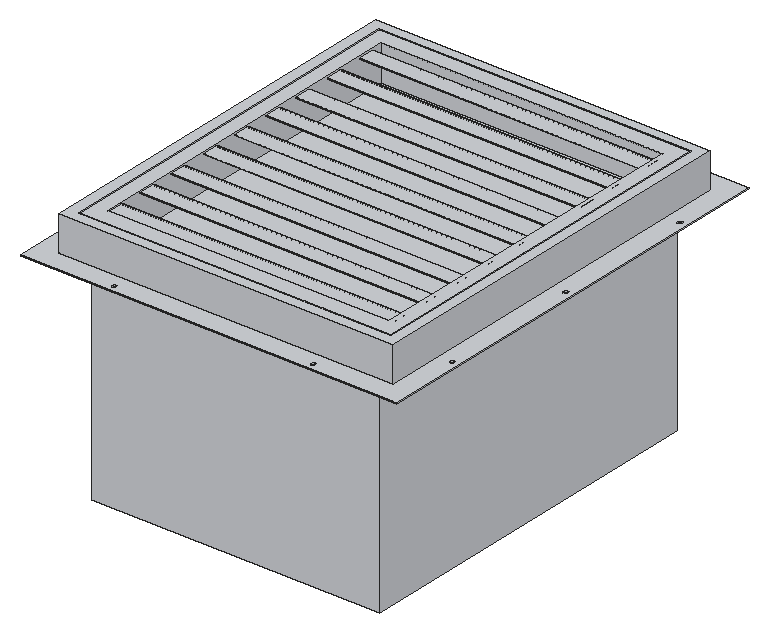
Revit family "PVHFL510-300", category Generic Models, host Face, Revit 2019
Family settings
  Host = Face
  Can host rebar = No
  Round Connector Dimension = Use Diameter
  Part Type = Normal
  Cut with Voids When Loaded = No
  Shared = No
  Room Calculation Point = No
Parameters
  Default Elevation = 48.00"
Reference planes (in)
  plane 1 "Center (Front/Back)": y = 0
  plane 2: z = 0
  plane 3 "Center (Left/Right)": x = 0
Forms (in)
  Extrusion 1, solid
    sketch origin (0, 0, 0) x (1, 0, 0) y (0, 1, 0)
      loop
        line (10.589, 12.339) -> (-10.589, 12.339) -> (-10.589, -12.339) -> (10.589, -12.339) -> (10.589, 12.339)
      loop
        line (-9.375, 11.125) -> (-9.375, -11.125) -> (9.375, -11.125) -> (9.375, 11.125) -> (-9.375, 11.125)
      loop
        circle (-10.214, -8) r 0.125
      loop
        circle (-5.589, -11.964) r 0.125
      loop
        circle (5.589, -11.964) r 0.125
      loop
        circle (10.214, -8) r 0.125
      loop
        circle (10.214, 0) r 0.125
      loop
        circle (10.214, 8) r 0.125
      loop
        circle (5.589, 11.964) r 0.125
      loop
        circle (-5.589, 11.964) r 0.125
      loop
        circle (-10.214, 8) r 0.125
      loop
        circle (-10.214, 0) r 0.125
    from 0 to 0.04
  Extrusion 2, solid
    sketch origin (0, 0, 0) x (1, 0, 0) y (0, 1, 0)
      loop
        line (-9.375, 11.125) -> (-9.375, -11.125) -> (9.375, -11.125) -> (9.375, 11.125) -> (-9.375, 11.125)
      loop
        line (-8.75, 10.567) -> (-8.75, -10.5) -> (8.75, -10.5) -> (8.75, 10.567) -> (-8.75, 10.567)
    from 0 to 2
  Extrusion 3, solid
    sketch origin (0, 0, 0) x (1, 0, 0) y (0, 1, 0)
      loop
        line (-8.094, 10.469) -> (-8.094, -10.41205) -> (8.094, -10.41205) -> (8.094, 10.469) -> (-8.094, 10.469)
    from 0 to -12.25
  Extrusion 4, solid
    sketch origin (0, 0, 0) x (1, 0, 0) y (0, 1, 0)
      loop
        circle (0, 2) r 2.5
    from -13.62 to -14.62
  Extrusion 5, solid
    sketch origin (0, 0, 0) x (1, 0, 0) y (0, 1, 0)
      loop
        circle (0, 2) r 5
    from -12.23 to -13.62
  Extrusion 6, solid
    sketch origin (0, 0, 0) x (1, 0, 0) y (0, 1, 0)
      loop
        line (-7.899, 9.654) -> (-7.899, -9.55297) -> (7.904, -9.55297) -> (7.904, 9.654) -> (-7.899, 9.654)
      loop
        line (-8.75, 10.567) -> (-8.75, -10.5) -> (8.75, -10.5) -> (8.75, 10.567) -> (-8.75, 10.567)
    from 0 to 2
  Extrusion 7, solid
    sketch origin (-0.07948, -0.9726, 1.87742) x (0, -1, 0) y (0, 0, 1)
      loop
        line (-10.548, -0.48569) -> (-10.548, -0.82069) -> (-10.508, -0.82069) -> (-10.508, -0.50225) -> (-9.96575, 0.04) -> (-9.03895, 0.04) -> (-9.03895, 0.08) -> (-9.98231, 0.08) -> (-10.548, -0.48569)
    from -8.17348 to 7.81952
  Extrusion 8, solid
    sketch origin (-0.07948, -3.23392, 1.87742) x (0, -1, 0) y (0, 0, 1)
      loop
        line (-10.548, -0.48569) -> (-10.548, -0.82069) -> (-10.508, -0.82069) -> (-10.508, -0.50225) -> (-9.96575, 0.04) -> (-9.03895, 0.04) -> (-9.03895, 0.08) -> (-9.98231, 0.08) -> (-10.548, -0.48569)
    from -8.17348 to 7.81952
  Extrusion 9, solid
    sketch origin (-0.07948, -5.42792, 1.87742) x (0, -1, 0) y (0, 0, 1)
      loop
        line (-10.548, -0.48569) -> (-10.548, -0.82069) -> (-10.508, -0.82069) -> (-10.508, -0.50225) -> (-9.96575, 0.04) -> (-9.03895, 0.04) -> (-9.03895, 0.08) -> (-9.98231, 0.08) -> (-10.548, -0.48569)
    from -8.17348 to 7.81952
  Extrusion 10, solid
    sketch origin (-0.07948, -7.5546, 1.87742) x (0, -1, 0) y (0, 0, 1)
      loop
        line (-10.548, -0.48569) -> (-10.548, -0.82069) -> (-10.508, -0.82069) -> (-10.508, -0.50225) -> (-9.96575, 0.04) -> (-9.03895, 0.04) -> (-9.03895, 0.08) -> (-9.98231, 0.08) -> (-10.548, -0.48569)
    from -8.17348 to 7.81952
  Extrusion 11, solid
    sketch origin (-0.07948, -9.7486, 1.87742) x (0, -1, 0) y (0, 0, 1)
      loop
        line (-10.548, -0.48569) -> (-10.548, -0.82069) -> (-10.508, -0.82069) -> (-10.508, -0.50225) -> (-9.96575, 0.04) -> (-9.03895, 0.04) -> (-9.03895, 0.08) -> (-9.98231, 0.08) -> (-10.548, -0.48569)
    from -8.17348 to 7.81952
  Extrusion 12, solid
    sketch origin (-0.07948, -11.9426, 1.87742) x (0, -1, 0) y (0, 0, 1)
      loop
        line (-10.548, -0.48569) -> (-10.548, -0.82069) -> (-10.508, -0.82069) -> (-10.508, -0.50225) -> (-9.96575, 0.04) -> (-9.03895, 0.04) -> (-9.03895, 0.08) -> (-9.98231, 0.08) -> (-10.548, -0.48569)
    from -8.17348 to 7.81952
  Extrusion 13, solid
    sketch origin (-0.07948, -14.20392, 1.87742) x (0, -1, 0) y (0, 0, 1)
      loop
        line (-10.548, -0.48569) -> (-10.548, -0.82069) -> (-10.508, -0.82069) -> (-10.508, -0.50225) -> (-9.96575, 0.04) -> (-9.03895, 0.04) -> (-9.03895, 0.08) -> (-9.98231, 0.08) -> (-10.548, -0.48569)
    from -8.17348 to 7.81952
  Extrusion 14, solid
    sketch origin (-0.07948, -16.39792, 1.87742) x (0, -1, 0) y (0, 0, 1)
      loop
        line (-10.548, -0.48569) -> (-10.548, -0.82069) -> (-10.508, -0.82069) -> (-10.508, -0.50225) -> (-9.96575, 0.04) -> (-9.03895, 0.04) -> (-9.03895, 0.08) -> (-9.98231, 0.08) -> (-10.548, -0.48569)
    from -8.17348 to 7.81952
  Extrusion 15, solid
    sketch origin (-0.07948, -18.59192, 1.87742) x (0, -1, 0) y (0, 0, 1)
      loop
        line (-10.548, -0.48569) -> (-10.548, -0.82069) -> (-10.508, -0.82069) -> (-10.508, -0.50225) -> (-9.96575, 0.04) -> (-9.03895, 0.04) -> (-9.03895, 0.08) -> (-9.98231, 0.08) -> (-10.548, -0.48569)
    from -8.17348 to 7.81952
Lines and regions (in)
  symbolic lines
    curve 1: line (95.99374, 156.28449, 0) -> (97.99374, 156.28449, 0)
Dimensions and locks (in)
  aligned and locked: plane 2 to host face
  aligned and locked: level to host face
Connectors (in)
  hvac at (0, 2, -14.62)
    settings: on Extrusion 4, index 1, duct flow 0 CFM, flow factor 0, pres drop 0.00 in-wg, loss coef 0, conn angle 0.00°, conn width 12", conn height 12", conn diameter 5", duct sys type 1, conn prof type 0, flow config 0, flow direction 0, loss method 0, conn ref index -1, conn util no, is conn primary yes, conn desc ""
  hvac at (0, 2, -13.62)
    settings: on Extrusion 5, index 2, duct flow 0 CFM, flow factor 0, pres drop 0.00 in-wg, loss coef 0, conn angle 0.00°, conn width 12", conn height 12", conn diameter 10", duct sys type 1, conn prof type 0, flow config 0, flow direction 0, loss method 0, conn ref index -1, conn util no, is conn primary no, conn desc ""
